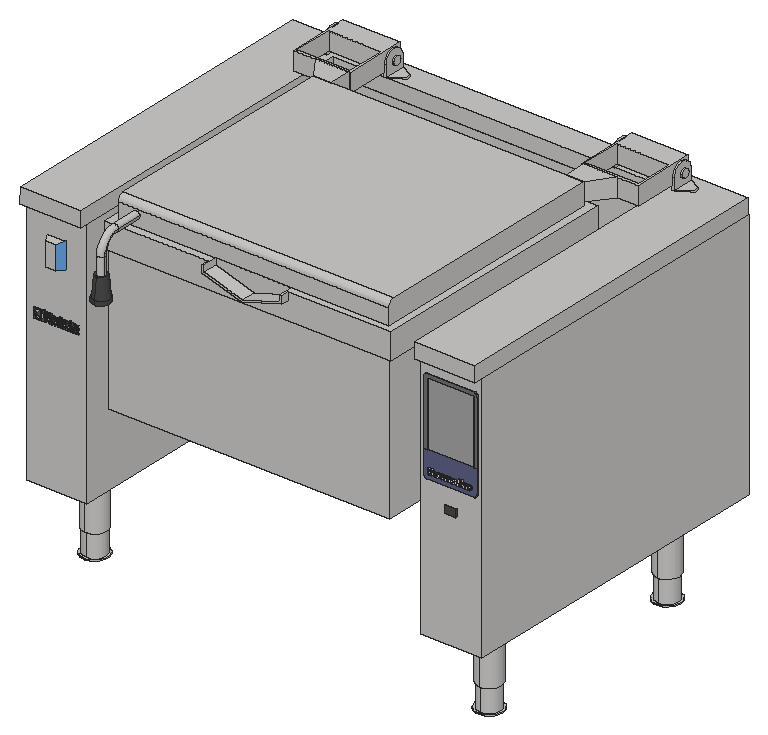
Revit family "QF_ELECTROLUXPROFESSIONAL_587120_PFET06ECIO", category Attrezzature speciali, Revit 2020 (continued)
Definition of nested family "QF_ELECTROLUXPROFESSIONAL_PBOTNB900_LEFT"
  Automatic sketch dimensions
    Extrusion 4 sketch curve to Extrusion 4 sketch curve = 2.333 mm
    Extrusion 4 sketch curve to Extrusion 4 sketch curve = 1.257 mm  (x2)
    Extrusion 4 sketch curve to Extrusion 4 sketch curve = 2.771 mm
    Extrusion 4 sketch curve to Extrusion 4 sketch curve = 1.497 mm
    Extrusion 4 sketch curve to Extrusion 4 sketch curve = 1.979 mm
    Extrusion 4 sketch curve to Extrusion 4 sketch curve = 1.653 mm
    Extrusion 4 sketch curve to Extrusion 4 sketch curve = 0.085 mm
    Extrusion 4 sketch curve to Extrusion 4 sketch curve = 0.315 mm
    Extrusion 4 sketch curve to Extrusion 4 sketch curve = 3.811 mm
    Extrusion 4 sketch curve to Extrusion 4 sketch curve = 2.136 mm  (x2)
    Extrusion 4 sketch curve to Extrusion 4 sketch curve = 2.352 mm  (x2)
    Extrusion 4 sketch curve to Extrusion 4 sketch curve = 3.797 mm
    Extrusion 4 sketch curve to Extrusion 4 sketch curve = 1.528 mm
    Extrusion 4 sketch curve to Extrusion 4 sketch curve = 1.476 mm  (x2)
    Extrusion 4 sketch curve to Extrusion 4 sketch curve = 1.469 mm  (x2)
    Extrusion 4 sketch curve to Extrusion 4 sketch curve = 3.728 mm
    Extrusion 4 sketch curve to Extrusion 4 sketch curve = 0.046 mm
    Extrusion 4 sketch curve to Extrusion 4 sketch curve = 0.177 mm
    Extrusion 4 sketch curve to Extrusion 4 sketch curve = 0.947 mm
    Extrusion 4 sketch curve to Extrusion 4 sketch curve = 0.308 mm
    Extrusion 4 sketch curve to Extrusion 4 sketch curve = 0.091 mm
    Extrusion 4 sketch curve to Extrusion 4 sketch curve = 2.375 mm
    Extrusion 4 sketch curve to Extrusion 4 sketch curve = 0.94 mm
    Extrusion 4 sketch curve to Extrusion 4 sketch curve = 0.54 mm
    Extrusion 4 sketch curve to Extrusion 4 sketch curve = 0.102 mm
    Extrusion 4 sketch curve to Extrusion 4 sketch curve = 0.002 mm  (x4)
    Extrusion 4 sketch curve to Extrusion 4 sketch curve = 0.105 mm
    Extrusion 4 sketch curve to Extrusion 4 sketch curve = 0.097 mm
    Extrusion 4 sketch curve to plane 3 "Center (Left/Right)" = 0.241 mm
    Extrusion 4 sketch curve to plane 3 "Center (Left/Right)" = 0.412 mm
    Extrusion 4 sketch curve to plane 3 "Center (Left/Right)" = 2.074 mm
    Extrusion 4 sketch curve to Extrusion 4 sketch curve = 1.777 mm
    Extrusion 4 sketch curve to plane 3 "Center (Left/Right)" = 2.704 mm
    Extrusion 4 sketch curve to Extrusion 4 sketch curve = 1.001 mm
    Extrusion 4 sketch curve to Extrusion 4 sketch curve = 1.393 mm  (x2)
    Extrusion 4 sketch curve to Extrusion 4 sketch curve = 2.363 mm
    Extrusion 4 sketch curve to Extrusion 4 sketch curve = 2.253 mm
    Extrusion 4 sketch curve to Extrusion 4 sketch curve = 0.014 mm  (x4)
    Extrusion 4 sketch curve to Extrusion 4 sketch curve = 0.172 mm
    Extrusion 4 sketch curve to Extrusion 4 sketch curve = 0.096 mm
    Extrusion 4 sketch curve to Extrusion 4 sketch curve = 0.164 mm
    Extrusion 4 sketch curve to Extrusion 4 sketch curve = 0.298 mm
    Extrusion 4 sketch curve to Extrusion 4 sketch curve = 0.247 mm
    Extrusion 4 sketch curve to Extrusion 4 sketch curve = 0.084 mm
    Extrusion 4 sketch curve to Extrusion 4 sketch curve = 6.484 mm
    Extrusion 4 sketch curve to Extrusion 4 sketch curve = 2.596 mm
    Extrusion 4 sketch curve to Extrusion 4 sketch curve = 0.059 mm  (x2)
    Extrusion 4 sketch curve to Extrusion 4 sketch curve = 3.889 mm
    Extrusion 4 sketch curve to Extrusion 4 sketch curve = 6.029 mm
    Extrusion 4 sketch curve to Extrusion 4 sketch curve = 0.929 mm
    Extrusion 4 sketch curve to Extrusion 4 sketch curve = 1.102 mm
    Extrusion 4 sketch curve to Extrusion 4 sketch curve = 0.756 mm  (x2)
    Extrusion 4 sketch curve to Extrusion 4 sketch curve = 0.852 mm
    Extrusion 4 sketch curve to Extrusion 4 sketch curve = 0.108 mm
    Extrusion 4 sketch curve to Extrusion 4 sketch curve = 0.101 mm
    Extrusion 4 sketch curve to Extrusion 4 sketch curve = 0.072 mm
    Extrusion 4 sketch curve to Extrusion 4 sketch curve = 1.67 mm
    Extrusion 4 sketch curve to Extrusion 4 sketch curve = 1.834 mm
    Extrusion 4 sketch curve to Extrusion 4 sketch curve = 0.366 mm
    Extrusion 4 sketch curve to Extrusion 4 sketch curve = 0.993 mm
    Extrusion 4 sketch curve to Extrusion 4 sketch curve = 0.81 mm
    Extrusion 4 sketch curve to Extrusion 4 sketch curve = 1.026 mm  (x2)
    Extrusion 4 sketch curve to Extrusion 4 sketch curve = 4.272 mm
    Extrusion 4 sketch curve to Extrusion 4 sketch curve = 0.163 mm
    Extrusion 4 sketch curve to Extrusion 4 sketch curve = 0.551 mm
    plane 14 to Extrusion 4 sketch curve = 6.023 mm
    Extrusion 4 sketch curve to Extrusion 4 sketch curve = 1.451 mm
    plane 14 to Extrusion 4 sketch curve = 5.28 mm
    Extrusion 4 sketch curve to Extrusion 4 sketch curve = 0.045 mm  (x2)
    Extrusion 4 sketch curve to Extrusion 4 sketch curve = 0.241 mm
    Extrusion 4 sketch curve to Extrusion 4 sketch curve = 0.039 mm
    Extrusion 4 sketch curve to Extrusion 4 sketch curve = 1.134 mm
    Extrusion 4 sketch curve to Extrusion 4 sketch curve = 2.351 mm
    Extrusion 4 sketch curve to plane 14 = 0.874 mm
    Extrusion 4 sketch curve to Extrusion 4 sketch curve = 10.128 mm
    Extrusion 4 sketch curve to Extrusion 4 sketch curve = 0.956 mm
    Extrusion 4 sketch curve to Extrusion 4 sketch curve = 1.263 mm
    Extrusion 4 sketch curve to Extrusion 4 sketch curve = 2.577 mm
    Extrusion 4 sketch curve to Extrusion 4 sketch curve = 0.243 mm
    Extrusion 4 sketch curve to Extrusion 4 sketch curve = 0.031 mm
    Extrusion 4 sketch curve to Extrusion 4 sketch curve = 7.148 mm
    Extrusion 4 sketch curve to Extrusion 4 sketch curve = 1.502 mm
    Extrusion 4 sketch curve to Extrusion 4 sketch curve = 11.54 mm
    Extrusion 4 sketch curve to Extrusion 4 sketch curve = 11.758 mm
    Extrusion 4 sketch curve to Extrusion 4 sketch curve = 4.097 mm
    Extrusion 4 sketch curve to Extrusion 4 sketch curve = 0.011 mm
    Extrusion 4 sketch curve to Extrusion 4 sketch curve = 4.488 mm
    plane 17 "CHW" to Extrusion 4 sketch curve = 191.223 mm
    Extrusion 4 sketch curve to Extrusion 4 sketch curve = 3.444 mm  (x2)
    Extrusion 4 sketch curve to Extrusion 4 sketch curve = 3.777 mm
    Extrusion 4 sketch curve to Extrusion 4 sketch curve = 1.093 mm
    Extrusion 4 sketch curve to Extrusion 4 sketch curve = 1.192 mm
    Extrusion 4 sketch curve to Extrusion 4 sketch curve = 0.319 mm
    Extrusion 4 sketch curve to Extrusion 4 sketch curve = 5.798 mm
    Extrusion 4 sketch curve to Extrusion 4 sketch curve = 2.021 mm
    Extrusion 4 sketch curve to Extrusion 4 sketch curve = 2.357 mm  (x3)
    Extrusion 4 sketch curve to Extrusion 4 sketch curve = 0.892 mm  (x3)
    Extrusion 4 sketch curve to Extrusion 4 sketch curve = 1.018 mm
    Extrusion 4 sketch curve to Extrusion 4 sketch curve = 3.382 mm  (x2)
    Extrusion 4 sketch curve to Extrusion 4 sketch curve = 2.117 mm
    Extrusion 4 sketch curve to Extrusion 4 sketch curve = 0.195 mm  (x2)
    Extrusion 4 sketch curve to Extrusion 4 sketch curve = 0.295 mm  (x2)
    Extrusion 4 sketch curve to Extrusion 4 sketch curve = 0.618 mm
    Extrusion 4 sketch curve to Extrusion 4 sketch curve = 0.385 mm  (x2)
    Extrusion 4 sketch curve to Extrusion 4 sketch curve = 1.626 mm  (x2)
    Extrusion 4 sketch curve to Extrusion 4 sketch curve = 1.65 mm
    Extrusion 4 sketch curve to Extrusion 4 sketch curve = 1.662 mm
    Extrusion 4 sketch curve to Extrusion 4 sketch curve = 0.013 mm  (x2)
    Extrusion 4 sketch curve to Extrusion 4 sketch curve = 0.292 mm
    Extrusion 4 sketch curve to Extrusion 4 sketch curve = 0.107 mm  (x2)
    Extrusion 4 sketch curve to Extrusion 4 sketch curve = 0.068 mm  (x2)
    Extrusion 4 sketch curve to Extrusion 4 sketch curve = 0.968 mm
    Extrusion 4 sketch curve to Extrusion 4 sketch curve = 0.365 mm
    Extrusion 4 sketch curve to Extrusion 4 sketch curve = 2.361 mm
    Extrusion 4 sketch curve to Extrusion 4 sketch curve = 2.359 mm
    Extrusion 4 sketch curve to Extrusion 4 sketch curve = 0.531 mm  (x2)
    Extrusion 4 sketch curve to Extrusion 4 sketch curve = 0.928 mm  (x2)
    Extrusion 4 sketch curve to Extrusion 4 sketch curve = 1.058 mm
    Extrusion 4 sketch curve to Extrusion 4 sketch curve = 0.297 mm  (x2)
    Extrusion 4 sketch curve to Extrusion 4 sketch curve = 0.155 mm  (x2)
    Extrusion 4 sketch curve to Extrusion 4 sketch curve = 1.305 mm
    Extrusion 4 sketch curve to Extrusion 4 sketch curve = 1.037 mm
    Extrusion 4 sketch curve to Extrusion 4 sketch curve = 0.182 mm  (x2)
    Extrusion 4 sketch curve to Extrusion 4 sketch curve = 0.607 mm  (x2)
    Extrusion 4 sketch curve to Extrusion 4 sketch curve = 0.304 mm  (x2)
    Extrusion 4 sketch curve to Extrusion 4 sketch curve = 0.372 mm  (x2)
    Extrusion 4 sketch curve to Extrusion 4 sketch curve = 0.016 mm  (x2)
    Extrusion 4 sketch curve to Extrusion 4 sketch curve = 0.996 mm
    Extrusion 4 sketch curve to Extrusion 4 sketch curve = 0.93 mm
    Extrusion 4 sketch curve to Extrusion 4 sketch curve = 0.709 mm  (x2)
    Extrusion 4 sketch curve to Extrusion 4 sketch curve = 1.752 mm
    Extrusion 4 sketch curve to Extrusion 4 sketch curve = 1.017 mm
    Extrusion 4 sketch curve to Extrusion 4 sketch curve = 4.718 mm
    Extrusion 4 sketch curve to Extrusion 4 sketch curve = 0.891 mm
    Extrusion 4 sketch curve to Extrusion 4 sketch curve = 3.826 mm
    Extrusion 4 sketch curve to Extrusion 4 sketch curve = 1.696 mm
    Extrusion 4 sketch curve to Extrusion 4 sketch curve = 0.954 mm
    Extrusion 4 sketch curve to Extrusion 4 sketch curve = 5.576 mm
    Extrusion 4 sketch curve to Extrusion 4 sketch curve = 5.657 mm  (x2)
    Extrusion 4 sketch curve to Extrusion 4 sketch curve = 5.661 mm  (x2)
    Extrusion 4 sketch curve to Extrusion 4 sketch curve = 0.006 mm
    Extrusion 4 sketch curve to Extrusion 4 sketch curve = 1.499 mm
    Extrusion 4 sketch curve to Extrusion 4 sketch curve = 7.186 mm
    Extrusion 4 sketch curve to Extrusion 4 sketch curve = 2.203 mm
    Extrusion 4 sketch curve to Extrusion 4 sketch curve = 2.21 mm
    Extrusion 4 sketch curve to Extrusion 4 sketch curve = 1.607 mm
    Extrusion 4 sketch curve to Extrusion 4 sketch curve = 3.479 mm
    Extrusion 4 sketch curve to Extrusion 4 sketch curve = 3.92 mm
    Extrusion 4 sketch curve to Extrusion 4 sketch curve = 0.05 mm
    Extrusion 4 sketch curve to Extrusion 4 sketch curve = 1.776 mm
    Extrusion 4 sketch curve to Extrusion 4 sketch curve = 4.017 mm
    Extrusion 4 sketch curve to Extrusion 4 sketch curve = 0.196 mm  (x2)
    Extrusion 4 sketch curve to Extrusion 4 sketch curve = 0.19 mm
    Extrusion 4 sketch curve to Extrusion 4 sketch curve = 1.312 mm
    Extrusion 4 sketch curve to Extrusion 4 sketch curve = 0.146 mm
    Extrusion 4 sketch curve to Extrusion 4 sketch curve = 2.831 mm
    Extrusion 4 sketch curve to Extrusion 4 sketch curve = 0.387 mm
    Extrusion 4 sketch curve to Extrusion 4 sketch curve = 0.174 mm
    Extrusion 4 sketch curve to Extrusion 4 sketch curve = 4.623 mm
    Extrusion 4 sketch curve to Extrusion 4 sketch curve = 1.754 mm
    Extrusion 4 sketch curve to Extrusion 4 sketch curve = 0.188 mm
    Extrusion 4 sketch curve to Extrusion 4 sketch curve = 0.02 mm
    Extrusion 4 sketch curve to Extrusion 4 sketch curve = 0.313 mm
    Extrusion 4 sketch curve to Extrusion 4 sketch curve = 0.12 mm
    Extrusion 4 sketch curve to Extrusion 4 sketch curve = 0.062 mm
    Extrusion 4 sketch curve to Extrusion 4 sketch curve = 0.568 mm
    Extrusion 4 sketch curve to Extrusion 4 sketch curve = 1.763 mm
    Extrusion 4 sketch curve to Extrusion 4 sketch curve = 0.095 mm
    Extrusion 4 sketch curve to Extrusion 4 sketch curve = 1.817 mm
    Extrusion 4 sketch curve to Extrusion 4 sketch curve = 0.357 mm
    Extrusion 4 sketch curve to Extrusion 4 sketch curve = 0.008 mm
    Extrusion 4 sketch curve to Extrusion 4 sketch curve = 0.36 mm
    Extrusion 4 sketch curve to Extrusion 4 sketch curve = 3.784 mm
    Extrusion 4 sketch curve to Extrusion 4 sketch curve = 1.654 mm
    Extrusion 4 sketch curve to Extrusion 4 sketch curve = 1.454 mm
    Extrusion 4 sketch curve to Extrusion 4 sketch curve = 1.705 mm
    Extrusion 4 sketch curve to Extrusion 4 sketch curve = 1.893 mm
    Extrusion 4 sketch curve to Extrusion 4 sketch curve = 3.429 mm
    Extrusion 4 sketch curve to Extrusion 4 sketch curve = 1.094 mm
    Extrusion 4 sketch curve to Extrusion 4 sketch curve = 2.218 mm
    Extrusion 4 sketch curve to Extrusion 4 sketch curve = 1.404 mm
    Extrusion 4 sketch curve to Extrusion 4 sketch curve = 5.763 mm
    Extrusion 4 sketch curve to Extrusion 4 sketch curve = 2.932 mm  (x2)
    Extrusion 4 sketch curve to Extrusion 4 sketch curve = 5.959 mm
    Extrusion 4 sketch curve to Extrusion 4 sketch curve = 1.424 mm
    Extrusion 4 sketch curve to Extrusion 4 sketch curve = 3.23 mm
    Extrusion 4 sketch curve to Extrusion 4 sketch curve = 1.975 mm
    Extrusion 4 sketch curve to Extrusion 4 sketch curve = 3.779 mm
    Extrusion 4 sketch curve to Extrusion 4 sketch curve = 2.212 mm
    Extrusion 4 sketch curve to Extrusion 4 sketch curve = 3.78 mm
    Extrusion 4 sketch curve to Extrusion 4 sketch curve = 1.279 mm
    Extrusion 4 sketch curve to Extrusion 4 sketch curve = 1.343 mm  (x2)
    Extrusion 4 sketch curve to Extrusion 4 sketch curve = 1.353 mm  (x2)
    Extrusion 4 sketch curve to Extrusion 4 sketch curve = 0.027 mm  (x2)
    Extrusion 4 sketch curve to Extrusion 4 sketch curve = 0.395 mm  (x2)
    Extrusion 4 sketch curve to Extrusion 4 sketch curve = 0.329 mm  (x2)
    Extrusion 4 sketch curve to Extrusion 4 sketch curve = 0.425 mm  (x2)
    Extrusion 4 sketch curve to Extrusion 4 sketch curve = 0.051 mm  (x2)
    Extrusion 4 sketch curve to Extrusion 4 sketch curve = 0.495 mm  (x2)
    Extrusion 4 sketch curve to Extrusion 4 sketch curve = 0.267 mm  (x2)
    Extrusion 4 sketch curve to Extrusion 4 sketch curve = 1.4 mm
    Extrusion 4 sketch curve to Extrusion 4 sketch curve = 5.233 mm
    Extrusion 4 sketch curve to Extrusion 4 sketch curve = 2.062 mm
    Extrusion 5 sketch curve to plane 13 "HW_CW" = 0.0 mm  (x2)
    Extrusion 5 sketch curve to plane 15 = 0.0 mm
    Extrusion 5 sketch curve to plane 14 = 0.0 mm
    radius of Extrusion 2 sketch curve = 6.35 mm  (x2)
    radius of Extrusion 4 sketch curve = 2.453 mm
    radius of Extrusion 4 sketch curve = 1.557 mm
    radius of Extrusion 4 sketch curve = 1.468 mm
    radius of Extrusion 4 sketch curve = 2.451 mm
    radius of Extrusion 5 sketch curve = 5.0 mm  (x2)
Definition of nested family "QF_ELECTROLUXPROFESSIONAL_PBOTNB900_RIGHT"
  Parameters
    Width = 160.0 mm
    Right = Width / 2  # 80.0 mm
    Default Elevation = 0.0 mm
    Left = -Width / 2  # -80.0 mm
    Htop = 40.0 mm
    Height = 900.0 mm
    HBase = 200.0 mm
    EI_z = 250.0 mm
    EI_y = 312.0 mm
    Depth = 900.0 mm
    BorderFront = 20.0 mm
    Body Finish [instance] = none
  Reference planes
    plane 1 "Center (Front/Back)": y = 0
    plane 2: z = 0
    plane 3 "Center (Left/Right)": x = 0
    plane 4 "LEFT": x = -80
    plane 5 "RIGHT": x = 80
    plane 6 "BACK": y = 450
    plane 7 "FRONT": y = -450
    plane 8 "Base": z = 200
    plane 9 "TOP": z = 900
    plane 10 "BorderFront": y = -430
    plane 11: z = 860
    plane 12 "EI": z = 450
    plane 13: y = 138
    plane 14 "STEAM_y": y = 211
    plane 15 "Steam_z": z = 340
  Forms (mm)
    Extrusion 1, solid
      sketch origin (0, 0, 0) x (1, 0, 0) y (0, 1, 0)
        loop
          line (-80, 450) -> (-80, -430) -> (80, -430) -> (80, 450) -> (-80, 450)
      from 860 to 200
    Extrusion 2, solid
      sketch origin (0, -430, 0) x (-1, 0, 0) y (0, 0, 1)
        loop
          line (59.714, 823.989) -> (-61.821, 823.989)
          arc (-61.821, 823.989) -> (-68.892, 821.06) -> (-71.821, 813.989) r 10
          line (-71.821, 813.989) -> (-71.821, 644.744) -> (-61.821, 644.744) -> (-61.821, 813.989) -> (59.714, 813.989) -> (59.714, 644.744) -> (69.714, 644.744) -> (69.714, 813.989)
          arc (69.714, 813.989) -> (66.786, 821.06) -> (59.714, 823.989) r 10
      from 0 to -3
    Extrusion 3, solid
      sketch origin (0, -430, 0) x (-1, 0, 0) y (0, 0, 1)
        loop
          line (69.714, 585) -> (69.714, 644.744) -> (-71.821, 644.744) -> (-71.821, 585)
          arc (-71.821, 585) -> (-68.892, 577.929) -> (-61.821, 575) r 10
          line (-61.821, 575) -> (59.714, 575)
          arc (59.714, 575) -> (66.786, 577.929) -> (69.714, 585) r 10
      from -3 to 0
    Extrusion 4, solid
      sketch origin (234.714, -430, 0) x (-1, 0, 0) y (0, 0, 1)
        loop
          line (294.429, 813.989) -> (172.894, 813.989) -> (172.894, 644.744) -> (294.429, 644.744) -> (294.429, 813.989)
      from 0 to -3
    Extrusion 5, solid
      sketch origin (0, -430, 0) x (-1, 0, 0) y (0, 0, 1)
        loop
          line (15, 530) -> (-15, 530) -> (-15, 510) -> (15, 510) -> (15, 530)
      from -1.6 to 0
    Extrusion 6, solid
      sketch origin (0, 450, 0) x (-1, 0, 0) y (0, 0, 1)
        loop
          circle (0, 450) r 5
      from 0 to 2
    Extrusion 7, solid
      sketch origin (0, 0, 200) x (0, 1, 0) y (-1, 0, 0)
        loop
          circle (138, 0) r 10
      from 0 to -3
    Extrusion 8, solid
      sketch origin (0, 0, 200) x (0, 1, 0) y (-1, 0, 0)
        loop
          circle (211, 0) r 12.7
      from 0 to -3
  Lines and regions (mm)
    symbolic lines
      curve 1: line (-80, 450, 0) -> (80, 450, 0)
      curve 2: line (80, 450, 0) -> (80, -430, 0)
  Dimensions and locks
    "Width": plane 4 "LEFT" to plane 5 "RIGHT"
    equal spacing: plane 4 "LEFT", plane 3 "Center (Left/Right)", plane 5 "RIGHT"
    equal spacing: plane 6 "BACK", plane 1 "Center (Front/Back)", plane 7 "FRONT"
    "Depth": plane 6 "BACK" to plane 7 "FRONT"
    "BorderFront": plane 10 "BorderFront" to plane 7 "FRONT"
    "Htop": plane 9 "TOP" to plane 11
    "Height": plane 9 "TOP" to level
    "HBase": plane 8 "Base" to level
    "EI_y": plane 6 "BACK" to plane 13
    "EI_z": plane 12 "EI" to plane 8 "Base"
    plane 6 "BACK" to plane 14 "STEAM_y" = 239.0 mm
    plane 15 "Steam_z" to plane 8 "Base" = 140.0 mm
    aligned and locked: level to plane 2
    aligned and locked: plane 10 "BorderFront" to Extrusion 1 sketch curve
    aligned and locked: plane 11 to Extrusion 1
    aligned and locked: Extrusion 1 to plane 8 "Base"
    aligned and locked: plane 4 "LEFT" to Extrusion 1 sketch curve
    aligned and locked: Extrusion 1 sketch curve to plane 5 "RIGHT"
    aligned and locked: Extrusion 1 sketch curve to plane 6 "BACK"
  Automatic sketch dimensions
    Extrusion 2 sketch curve to plane 5 "RIGHT" = 8.179 mm
    Extrusion 2 sketch curve to Extrusion 2 sketch curve = 10.0 mm  (x2)
    Extrusion 2 sketch curve to Extrusion 2 sketch curve = 0.0 mm  (x4)
    plane 4 "LEFT" to Extrusion 2 sketch curve = 20.286 mm
    Extrusion 2 sketch curve to plane 11 = 215.256 mm
    Extrusion 2 sketch curve to plane 11 = 46.011 mm
    Extrusion 3 sketch curve to plane 5 "RIGHT" = 8.179 mm
    plane 4 "LEFT" to Extrusion 3 sketch curve = 20.286 mm
    plane 4 "LEFT" to Extrusion 3 sketch curve = 10.286 mm
    Extrusion 3 sketch curve to plane 11 = 285.0 mm
    Extrusion 3 sketch curve to Extrusion 3 sketch curve = 59.744 mm
    Extrusion 3 sketch curve to Extrusion 3 sketch curve = 10.0 mm
    plane 4 "LEFT" to Extrusion 4 sketch curve = 20.286 mm
    Extrusion 4 sketch curve to plane 11 = 46.011 mm
    Extrusion 4 sketch curve to plane 5 "RIGHT" = 18.179 mm
    Extrusion 4 sketch curve to Extrusion 4 sketch curve = 169.244 mm
    Extrusion 6 sketch curve to plane 3 "Center (Left/Right)" = 0.0 mm
    Extrusion 6 sketch curve to plane 12 "EI" = 0.0 mm
    curve 1 to plane 4 "LEFT" = 0.0 mm
    curve 1 to plane 5 "RIGHT" = 0.0 mm
    curve 2 to plane 10 "BorderFront" = 0.0 mm
    curve 1 to plane 6 "BACK" = 0.0 mm
    plane 3 "Center (Left/Right)" to Extrusion 5 sketch curve = 15.0 mm
    Extrusion 5 sketch curve to plane 3 "Center (Left/Right)" = 15.0 mm
    plane 12 "EI" to Extrusion 5 sketch curve = 60.0 mm
    Extrusion 5 sketch curve to Extrusion 5 sketch curve = 20.0 mm
    Extrusion 7 sketch curve to plane 3 "Center (Left/Right)" = 0.0 mm
    Extrusion 7 sketch curve to plane 13 = 0.0 mm
    Extrusion 8 sketch curve to plane 3 "Center (Left/Right)" = 0.0 mm
    Extrusion 8 sketch curve to plane 14 "STEAM_y" = 0.0 mm
    radius of Extrusion 6 sketch curve = 5.0 mm
    radius of Extrusion 7 sketch curve = 10.0 mm
    radius of Extrusion 8 sketch curve = 12.7 mm
  Nested families
    nested 1: "ELX_ThermaLine" at (-0.906, -433, 593.675) x (1, 0, 0) z (0, -1, 0), type "ELX_ThermaLine"
      with Show Logo yes, Material_Logo none
  Definition of nested family "ELX_ThermaLine"
    Parameters
      Show Logo [instance] = yes
      Material_Logo [instance] = none
      Default Elevation = 0.0 mm
    Reference planes
      plane 1 "Centro (Fronte/Retro)": y = 0
      plane 2: z = 0
      plane 3 "Centro (Sinistra/Destra)": x = 0
    Forms (mm)
      Extrusion 1, solid
        sketch origin (0, 0, 0) x (1, 0, 0) y (0, 1, 0)
          loop
            line (-1219.2, 1219.2) -> (-1219.2, -1219.2) -> (1219.2, -1219.2) -> (1219.2, 1219.2) -> (-1219.2, 1219.2)
        from 0 to -304.8
      Extrusion 2, solid
        sketch origin (0, 0, 0) x (1, 0, 0) y (0, 1, 0)
          loop
            line (-52.84, 4.345) -> (-50.793, 4.345) -> (-50.793, 6.716) -> (-52.84, 6.716) -> (-52.84, 10.788) -> (-55.901, 9.058) -> (-55.901, 6.716) -> (-57.324, 6.716) -> (-57.324, 4.345) -> (-55.901, 4.345) -> (-55.901, -1.637)
            arc (-55.901, -1.637) -> (-54.76, -4.355) -> (-51.88, -4.985) r 3.198
            line (-51.88, -4.985) -> (-50.444, -4.597) -> (-50.782, -2.189) -> (-51.765, -2.453)
            arc (-51.765, -2.453) -> (-52.506, -2.305) -> (-52.84, -1.628) r 0.854
            line (-52.84, -1.628) -> (-52.84, 4.345)
          loop
            line (-48.642, 11.198) -> (-48.642, -4.787) -> (-45.561, -4.787) -> (-45.561, 2.659)
            arc (-45.561, 2.659) -> (-44.379, 4.372) -> (-42.304, 4.523) r 2.408
            arc (-42.304, 4.523) -> (-41.484, 3.75) -> (-41.182, 2.665) r 2.099
            line (-41.182, 2.665) -> (-41.182, -4.787) -> (-38.117, -4.787) -> (-38.088, 2.166)
            arc (-38.088, 2.166) -> (-38.343, 3.963) -> (-39.021, 5.646) r 7.517
            arc (-39.021, 5.646) -> (-42.369, 6.971) -> (-45.561, 5.303) r 4.327
            line (-45.561, 5.303) -> (-45.561, 11.198) -> (-48.642, 11.198)
          loop
            arc (-28.196, 1.988) -> (-28.834, 3.893) -> (-30.683, 4.679) r 2.449
            arc (-30.683, 4.679) -> (-32.149, 3.674) -> (-32.711, 1.988) r 2.793
            line (-32.711, 1.988) -> (-28.196, 1.988)
          loop
            arc (-25.128, 0.121) -> (-26.074, 4.342) -> (-29.545, 6.923) r 6.212
            arc (-29.545, 6.923) -> (-33.021, 6.358) -> (-35.352, 3.718) r 5.232
            arc (-35.352, 3.718) -> (-35.918, 1.148) -> (-35.633, -1.468) r 8.117
            arc (-35.633, -1.468) -> (-34.524, -3.319) -> (-32.789, -4.603) r 5.523
            arc (-32.789, -4.603) -> (-28.402, -4.744) -> (-25.297, -1.641) r 5.523
            line (-25.297, -1.641) -> (-28.327, -1.106)
            arc (-28.327, -1.106) -> (-29.324, -2.396) -> (-30.951, -2.501) r 1.982
            arc (-30.951, -2.501) -> (-32.276, -1.475) -> (-32.789, 0.121) r 2.835
            line (-32.789, 0.121) -> (-25.128, 0.121)
          loop
            line (-22.733, -4.787) -> (-19.705, -4.787) -> (-19.705, 0)
            arc (-19.705, 0) -> (-19.663, 1.267) -> (-19.469, 2.521) r 10.557
            arc (-19.469, 2.521) -> (-18.189, 4.014) -> (-16.237, 3.761) r 2.069
            line (-16.237, 3.761) -> (-15.318, 6.433)
            arc (-15.318, 6.433) -> (-17.915, 6.783) -> (-19.931, 5.11) r 3.262
            line (-19.931, 5.11) -> (-19.931, 6.752) -> (-22.733, 6.752) -> (-22.733, -4.787)
          loop
            line (-14.233, 6.752) -> (-14.233, -4.787) -> (-11.135, -4.787) -> (-11.135, 1.783)
            arc (-11.135, 1.783) -> (-10.552, 3.635) -> (-8.862, 4.59) r 2.646
            arc (-8.862, 4.59) -> (-7.677, 3.931) -> (-7.234, 2.65) r 1.899
            line (-7.234, 2.65) -> (-7.234, -4.787) -> (-4.155, -4.787) -> (-4.155, 1.467)
            arc (-4.155, 1.467) -> (-3.845, 2.923) -> (-2.97, 4.128) r 3.581
            arc (-2.97, 4.128) -> (-1.581, 4.474) -> (-0.516, 3.516) r 1.525
            arc (-0.516, 3.516) -> (-0.324, 2.735) -> (-0.304, 1.931) r 3.735
            line (-0.304, 1.931) -> (-0.304, -4.787) -> (2.776, -4.787) -> (2.776, 3.096)
            arc (2.776, 3.096) -> (1.833, 5.68) -> (-0.612, 6.942) r 3.784
            arc (-0.612, 6.942) -> (-2.795, 6.596) -> (-4.513, 5.205) r 4.271
            arc (-4.513, 5.205) -> (-5.893, 6.457) -> (-7.686, 6.964) r 4.079
            arc (-7.686, 6.964) -> (-9.75, 6.555) -> (-11.39, 5.237) r 4.412
            line (-11.39, 5.237) -> (-11.39, 6.752) -> (-14.233, 6.752)
          loop
            line (5.334, 3.712) -> (8.069, 3.23)
            arc (8.069, 3.23) -> (10.312, 4.685) -> (12.137, 2.73) r 2.082
            line (12.137, 2.73) -> (8.171, 1.741)
            arc (8.171, 1.741) -> (6.593, 1.022) -> (5.378, -0.215) r 4.758
            arc (5.378, -0.215) -> (5.225, -1.991) -> (5.744, -3.697) r 4.711
            arc (5.744, -3.697) -> (7.301, -4.682) -> (9.118, -4.992) r 4.691
            arc (9.118, -4.992) -> (10.903, -4.593) -> (12.411, -3.558) r 4.818
            line (12.411, -3.558) -> (12.81, -4.787) -> (15.873, -4.787) -> (15.179, -2.652) -> (15.179, 3.25)
            arc (15.179, 3.25) -> (14.773, 5.146) -> (13.38, 6.496) r 3.336
            arc (13.38, 6.496) -> (10.765, 7.201) -> (8.091, 6.773) r 6.459
            arc (8.091, 6.773) -> (6.348, 5.57) -> (5.334, 3.712) r 4.569
          loop
            line (21.001, -4.787) -> (24.24, -4.787) -> (27.623, 11.127) -> (24.384, 11.127) -> (21.001, -4.787)
          loop
            line (27.273, -4.787) -> (30.332, -4.787) -> (32.777, 6.716) -> (29.718, 6.716) -> (27.273, -4.787)
          loop
            line (30.656, 11.127) -> (30.058, 8.314) -> (33.117, 8.314) -> (33.715, 11.127) -> (30.656, 11.127)
          loop
            line (33.431, -4.787) -> (36.649, -4.787) -> (38.261, 2.796)
            arc (38.261, 2.796) -> (39.644, 4.445) -> (41.791, 4.594) r 2.751
            arc (41.791, 4.594) -> (42.425, 3.729) -> (42.502, 2.659) r 1.936
            line (42.502, 2.659) -> (40.919, -4.787) -> (43.989, -4.787) -> (45.795, 3.712)
            arc (45.795, 3.712) -> (45.588, 5.458) -> (44.361, 6.716) r 2.734
            arc (44.361, 6.716) -> (41.222, 6.857) -> (38.516, 5.259) r 5.512
            line (38.516, 5.259) -> (38.826, 6.716) -> (35.876, 6.716) -> (33.431, -4.787)
          loop
            line (50.773, 1.934) -> (55.672, 1.934)
            arc (55.672, 1.934) -> (55.737, 2.919) -> (55.334, 3.821) r 2.051
            arc (55.334, 3.821) -> (53.773, 4.722) -> (52.024, 4.287) r 2.407
            arc (52.024, 4.287) -> (51.223, 3.203) -> (50.773, 1.934) r 4.566
          loop
            line (50.479, 0) -> (58.259, 0)
            arc (58.259, 0) -> (58.241, 3.53) -> (56.181, 6.396) r 5.8
            arc (56.181, 6.396) -> (52.577, 6.992) -> (49.395, 5.199) r 5.498
            arc (49.395, 5.199) -> (47.819, 2.372) -> (47.536, -0.853) r 7.747
            arc (47.536, -0.853) -> (48.406, -3.006) -> (50.236, -4.437) r 4.494
            arc (50.236, -4.437) -> (52.672, -4.934) -> (55.109, -4.437) r 6.224
            arc (55.109, -4.437) -> (56.76, -3.346) -> (57.916, -1.739) r 5.478
            line (57.916, -1.739) -> (55.129, -1.247)
            arc (55.129, -1.247) -> (53.897, -2.495) -> (52.149, -2.637) r 2.52
            arc (52.149, -2.637) -> (50.809, -1.638) -> (50.479, 0) r 2.336
          loop
            line (12.154, 0.755) -> (8.732, -0.098)
            arc (8.732, -0.098) -> (8.126, -1.288) -> (8.732, -2.478) r 1.471
            arc (8.732, -2.478) -> (10.437, -2.725) -> (11.827, -1.706) r 2.276
            arc (11.827, -1.706) -> (12.142, -0.496) -> (12.154, 0.755) r 5.123
        from 0 to 1.6
    Dimensions and locks
      aligned and locked: plane 2 to Extrusion 1
      aligned and locked: level to Extrusion 1
Definition of nested family "QF_ELECTROLUXPROFESSIONAL_2FEET_THL_120xH200"
  Parameters
    Width = 120.0 mm
    Right = Width / 2  # 60.0 mm
    Default Elevation = 0.0 mm
    Left = -Width / 2  # -60.0 mm
    Height = 200.0 mm
    HBase = Height - 15.0 mm  # 185.0 mm
    Depth = 880.0 mm
  Reference planes
    plane 1 "Center (Front/Back)": y = 0
    plane 2: z = 0
    plane 3 "Center (Left/Right)": x = 0
    plane 4 "LEFT": x = -60
    plane 5 "RIGHT": x = 60
    plane 6 "BACK": y = 440
    plane 7 "FRONT": y = -440
    plane 8 "Base": z = 185
    plane 9 "TOP": z = 200
    plane 10: y = 283
    plane 11: y = -304
    plane 12: y = 368
    plane 13: y = -388
    plane 14: x = -80
  Forms (mm)
    Extrusion 1, solid
      sketch origin (0, 0, 200) x (0, 1, 0) y (-1, 0, 0)
        loop
          line (368, 60) -> (-388, 60) -> (-388, -60) -> (368, -60) -> (368, 60)
      from 0 to -15
    Revolve 2, solid
      sketch origin (0, 0, 0) x (0, 1, 0) y (0, 0, 1)
        loop
          line (283, 0) -> (318, 0) -> (318, 2) -> (311.179, 2) -> (311.179, 63) -> (314.75, 63) -> (314.75, 185) -> (283, 185) -> (283, 0)
        axis (283, 185) -> (283, 0)
      angle from 0 to 360
    Revolve 3, solid
      sketch origin (0, 0, 0) x (0, 1, 0) y (0, 0, 1)
        loop
          line (-304, 185) -> (-304, 0) -> (-269, 0) -> (-269, 2) -> (-275.821, 2) -> (-275.821, 63) -> (-272.25, 63) -> (-272.25, 185) -> (-304, 185)
        axis (-304, 185) -> (-304, 0)
      angle from 0 to 360
  Dimensions and locks
    "Width": plane 4 "LEFT" to plane 5 "RIGHT"
    equal spacing: plane 4 "LEFT", plane 3 "Center (Left/Right)", plane 5 "RIGHT"
    equal spacing: plane 6 "BACK", plane 1 "Center (Front/Back)", plane 7 "FRONT"
    "Depth": plane 6 "BACK" to plane 7 "FRONT"
    "HBase": plane 8 "Base" to level
    "Height": plane 9 "TOP" to level
    locked: plane 6 "BACK" to plane 10 at 157
    locked: plane 10 to plane 11 at 587
    plane 6 "BACK" to plane 12 = 72.0 mm
    plane 13 to plane 7 "FRONT" = 52.0 mm
    plane 12 to plane 13 = 756.0 mm
    plane 14 to plane 3 "Center (Left/Right)" = 80.0 mm
    aligned and locked: level to plane 2
    aligned and locked: Extrusion 1 sketch curve to plane 5 "RIGHT"
    aligned and locked: plane 4 "LEFT" to Extrusion 1 sketch curve
    aligned and locked: Extrusion 1 to plane 8 "Base"
    aligned and locked: Extrusion 1 sketch curve to plane 12
    aligned and locked: plane 13 to Extrusion 1 sketch curve
  Automatic sketch dimensions
    Revolve 2 sketch curve to level = 0.0 mm
    Revolve 2 sketch curve to plane 10 = 0.0 mm  (x2)
    Revolve 2 sketch curve to plane 8 "Base" = 0.0 mm
    plane 10 to Revolve 2 sketch curve = 28.179 mm
    Revolve 2 sketch curve to Revolve 2 sketch curve = 31.75 mm
    Revolve 2 sketch curve to Revolve 2 sketch curve = 6.821 mm
    level to Revolve 2 sketch curve = 2.0 mm
    Revolve 2 sketch curve to Revolve 2 sketch curve = 61.0 mm
    Revolve 2 sketch curve to level = 50.0 mm
    plane 9 "TOP" to Revolve 2 sketch curve = 70.0 mm
    Revolve 3 sketch curve to plane 11 = 0.0 mm
    Revolve 3 sketch curve to level = 0.0 mm
    Revolve 3 sketch curve to plane 10 = 587.0 mm
    Revolve 3 sketch curve to plane 8 "Base" = 0.0 mm
    Revolve 3 sketch curve to plane 10 = 558.821 mm
    Revolve 3 sketch curve to Revolve 3 sketch curve = 3.571 mm
    Revolve 3 sketch curve to Revolve 3 sketch curve = 6.821 mm
    level to Revolve 3 sketch curve = 2.0 mm
    Revolve 3 sketch curve to Revolve 3 sketch curve = 61.0 mm
    Revolve 3 sketch curve to level = 180.0 mm
    plane 9 "TOP" to Revolve 3 sketch curve = 205.0 mm
Definition of nested family "QF_ELECTROLUXPROFESSIONAL_PFET900_LEVEL1"
  Parameters
    Default Elevation = 0.0 mm
    Assembly Code = ""
  Reference planes
    plane 1 "Center (Front/Back)": y = 0
    plane 2: z = 0
    plane 3 "Center (Left/Right)": x = 0
  Forms (mm)
    Sweep 1, solid
      path origin (0, 0, 0) x (0, 1, 0) y (0, 0, 1)
        loop
          line (0, 0) -> (-70, 0)
          arc (-70, 0) -> (-101.82, -13.18) -> (-115, -45) r 45
          line (-115, -45) -> (-115, -90)
      profile origin (0, -35, 0) x (0, 0, -1) y (1, 0, 0)
        loop
          circle (0, 0) r 9
    Revolve 2, solid
      sketch origin (0, 0, 0) x (0, 1, 0) y (0, 0, 1)
        loop
          line (-115, -90) -> (-115, -152.379) -> (-92.246, -152.379) -> (-92.246, -142.379) -> (-94.495, -142.379) -> (-100, -90) -> (-115, -90)
        axis (-115, -90) -> (-115, -152.379)
      angle from 0 to 360
  Lines and regions (mm)
    symbolic lines
      curve 1: line (9, 0, 0) -> (9, -94.102, 0)
      curve 2: line (-9, 0, 0) -> (-9, -94.102, 0)
      curve 3: circle (0, -115, 0) r 22.754 normal (0, 0, 1)
  Dimensions and locks
    aligned and locked: level to plane 2
